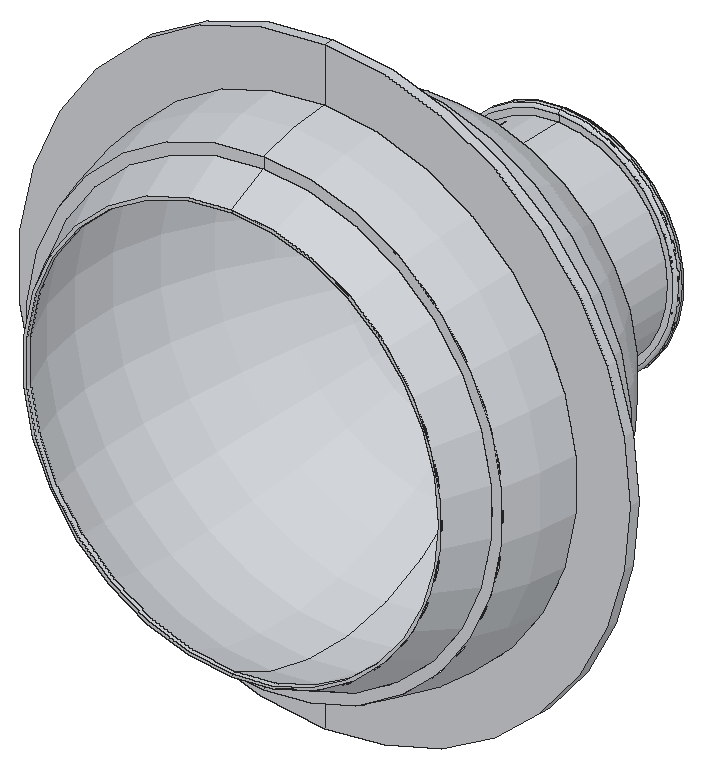
Revit family "DS", category Air Terminals, Revit 2012
Parameters (values of type "DS-06")
  g = G / 2  # 1 15/32"
  c = C / 2  # 3"
  b = B / 2  # 3 51/64"
  ancho cinta A = 2"
  ancho cinta B = 1/8"
  a = c + 1" / 8  # 3 1/8"
  URL = "http://www.innes.com"
  Mínima velocidad de chorro = 750 FPM
  Mínima presión estática = 0.05 in-wg
  Máximo nivel de ruido (NC) = "34"
  Máxima velocidad de chorro = 4000 FPM
  Máxima presión estática = 1.20 in-wg
  Min Flow = 40 CFM
  Max Flow = 190 CFM
  Material = "Aluminio"
  Manufacturer = "INNES"
  G = 2 15/16"
  E = 3 11/16"
  D = 1 1/2"
  C int = c - 1" / 16  # 2 15/16"
  B = 7 19/32"
  C = 6"
Types (6): name | g | c | b | ancho cinta B | a | Mínima presión estática | Máximo nivel de ruido (NC) | Máxima presión estática | Min Flow | Max Flow | G | E | D | C int | B | C
  DS-06 | 1 15/32" | 3" | 3 51/64" | 1/8" | 3 1/8" | 0.05 in-wg | "34" | 1.20 in-wg | 40 CFM | 190 CFM | 2 15/16" | 3 11/16" | 1 1/2" | 2 15/16" | 7 19/32" | 6"
  DS-08 | 1 31/32" | 3 63/64" | 4 29/32" | 1/4" | 4 7/64" | 0.04 in-wg | "40" | 1.20 in-wg | 60 CFM | 340 CFM | 3 15/16" | 4 11/16" | 1 3/4" | 3 59/64" | 9 13/16" | 7 31/32"
  DS-10 | 2 3/4" | 5 19/64" | 6 23/64" | 1/4" | 5 27/64" | 0.04 in-wg | "39" | 1.20 in-wg | 120 CFM | 660 CFM | 5 1/2" | 6 23/32" | 2 1/16" | 5 15/64" | 12 23/32" | 10 19/32"
  DS-12 | 3 1/4" | 6 1/32" | 7 3/32" | 1/4" | 6 5/32" | 0.04 in-wg | "40" | 1.20 in-wg | 170 CFM | 920 CFM | 6 1/2" | 7 7/8" | 2 7/16" | 5 31/32" | 14 3/16" | 12 1/16"
  DS-16 | 4 33/64" | 8 1/8" | 9 3/8" | 1/4" | 8 1/4" | 0.04 in-wg | "45" | 1.19 in-wg | 340 CFM | 1790 CFM | 9 1/32" | 9 17/32" | 4 11/32" | 8 1/16" | 18 3/4" | 16 1/4"
  DS-20 | 6 7/64" | 9 19/64" | 10 17/32" | 1/4" | 9 27/64" | 0.04 in-wg | "46" | 1.20 in-wg | 610 CFM | 3260 CFM | 12 7/32" | 11 17/32" | 3 25/32" | 9 15/64" | 21 1/16" | 18 19/32"
Reference planes (in)
  plane 1 "Center (Front/Back)": y = 0
  plane 2: z = 0
  plane 3 "Center (Left/Right)": x = 0
  plane 4: y = 13
  plane 5: y = -13
Forms (in)
  Revolve 1, solid
    sketch origin (0, 0, 0) x (0, 1, 0) y (0, 0, 1)
      loop
        line (3.6875, 1.27811) -> (3.6875, 1.42259)
        arc (3.6875, 1.42259) -> (3.67398, 1.45523) -> (3.64134, 1.46875) r 0.04616
        line (3.64134, 1.46875) -> (3.59518, 1.46875)
        arc (3.59518, 1.46875) -> (3.57155, 1.45201) -> (3.5625, 1.42451) r 0.04628
        line (3.5625, 1.42451) -> (3.5625, 1.34375) -> (2.68223, 1.34375)
        arc (2.68223, 1.34375) -> (1.98514, 2.24927) -> (1, 2.82843) r 3
        line (1, 2.82843) -> (1, 2.96068)
        arc (1, 2.96068) -> (0.53752, 3.07842) -> (0.0625, 3.12437) r 3.125
        line (0.0625, 3.12437) -> (0.0625, 3.79687) -> (-0.0625, 3.79687) -> (-0.0625, 3.12437)
        arc (-0.0625, 3.12437) -> (-0.53752, 3.07842) -> (-1, 2.96068) r 3.125
        line (-1, 2.96068) -> (-1, 2.82843)
        arc (-1, 2.82843) -> (-1.25529, 2.72474) -> (-1.5, 2.59808) r 3
        line (-1.5, 2.59808) -> (-1.5, 2.56174) -> (-1.4375, 2.56174)
        arc (-1.4375, 2.56174) -> (0.88111, 2.80224) -> (2.64487, 1.27811) r 2.9375
        line (2.64487, 1.27811) -> (3.6875, 1.27811)
      axis (3.6875, 0) -> (-1.5, 0)
    angle from 0 to 360
Dimensions and locks (in)
  equal spacing: plane 4, plane 1 "Center (Front/Back)", plane 5
  "D": plane 1 "Center (Front/Back)" to Revolve 1 sketch curve
  "E": Revolve 1 sketch curve to plane 1 "Center (Front/Back)"
  Revolve 1 sketch curve to Revolve 1 sketch curve = 1/8"  (x2)
  equal spacing: Revolve 1 sketch curve, plane 1 "Center (Front/Back)", Revolve 1 sketch curve  (x2)
  "ancho cinta B": Revolve 1 sketch curve to Revolve 1 sketch curve
  "ancho cinta A": Revolve 1 sketch curve to Revolve 1 sketch curve
  Revolve 1 sketch curve to Revolve 1 sketch curve = 0.06564"
  "g": Revolve 1 sketch curve to Revolve 1 sketch curve
  "c": radius of Revolve 1 sketch curve  (x2)
  "a": radius of Revolve 1 sketch curve  (x2)
  "C int": radius of Revolve 1 sketch curve
  aligned and locked: plane 2 to level
Automatic sketch dimensions
  Revolve 1 sketch curve to Revolve 1 sketch curve = 0"  (x8)
  Revolve 1 sketch curve to level = 0"  (x2)
  Revolve 1 sketch curve to plane 1 "Center (Front/Back)" = 0"
  Revolve 1 sketch curve to plane 5 = 2 1/2"
  Revolve 1 sketch curve to Revolve 1 sketch curve = 1/16"
  Revolve 1 sketch curve to Revolve 1 sketch curve = 0.03736"
  Revolve 1 sketch curve to Revolve 1 sketch curve = 0.03268"
  Revolve 1 sketch curve to Revolve 1 sketch curve = 0.04628"
  Revolve 1 sketch curve to Revolve 1 sketch curve = 0.04616"
  Revolve 1 sketch curve to Revolve 1 sketch curve = 3.08748"
  Revolve 1 sketch curve to Revolve 1 sketch curve = 0.6725"
Connectors (in)
  hvac at (0, -1, 0), driven by "a"
    settings: on Revolve 1, index 1, duct flow 0 CFM, flow factor 0, pres drop 0.00 in-wg, loss coef 0, conn angle 0.00°, conn width 12", conn height 12", conn radius 3 1/8", duct sys type 1, conn prof type 0, flow config 0, flow direction 0, loss method 0, conn ref index -1, conn util no, is conn primary yes, conn desc ""
